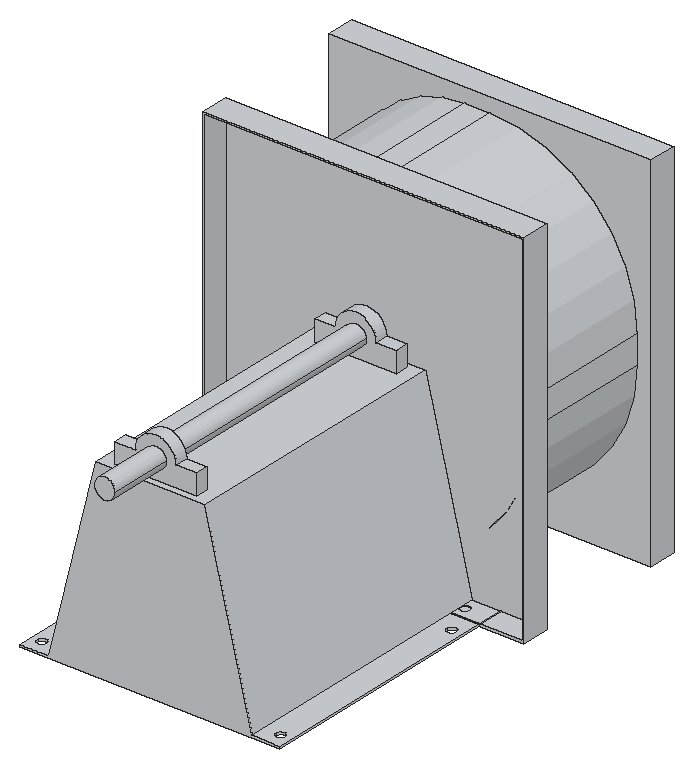
Revit family "CA-4_SWSI_ARR_1_CW_BHD", category Mechanical Equipment, Revit 2019 (continued)
Types (55): name | S | R | P | O/2 | O | H | E | ARR_1_U-D | ARR_1_K-D | ARR_1_J/2 | ARR_1_J | MOTOR_RAD | M | L | K | J | INLET_RAD/2 | INLET_RAD+1.5" | INLET_RAD | INLET_DIA | G-H | G/5 | G | F | E-(INLET_RAD+1.5") | E+(INLET_RAD+1.5") | F-E | D-((D-B)/2) | D | B | ARR_2_L-ARR_2_K | ARR_2_L | ARR_2_K | ARR_1_V | ARR_1_U | ARR_1_N | ARR_1_M | ARR_1_K | ARR_1_H | ARR_1_G | A | 2ARR_1_J+1" | 2ARR_1_J | Model | -ARR_1_J | -(ARR_2_L - ARR_2_K) | -(((K-B)/2)-.125") | -(((D - B) / 2) - 1/8") | (R-B)/2 | ((K-B)/2)+B | (D-B)/2 | -(((K-B)/2)+L) | ((D-B)/2)-.125"
  540_CA-4_SWSI_ARR_1_CW_BHD_CLASS_3 | 29" | 44 3/4" | 22 3/8" | 17/32" | 1 1/16" | 46 1/2" | 44 7/8" | 34 3/8" | 27" | 1 31/32" | 3 15/16" | 11 13/16" | 61 5/8" | 9 1/2" | 52 1/8" | 3" | 15" | 31 1/2" | 30" | 60" | 52 1/4" | 19 3/4" | 98 3/4" | 106 5/8" | 30 1/4" | 93 1/4" | 61 3/4" | 44 1/4" | 47 1/4" | 41 1/4" | 26 7/8" | 34 3/8" | 7 1/2" | 7 1/2" | 81 5/8" | 24 9/16" | 1 1/4" | 74 1/4" | 30 3/4" | 31 3/4" | 59 1/16" | 8 7/8" | 7 7/8" | "CA-4 SWSI ARR 1 CW BHD CLASS 3" | -3 15/16" | -26 7/8" | -5 5/16" | -2 7/8" | 1 3/4" | 46 11/16" | 3" | -14 15/16" | 2 7/8"
  600_CA-4_SWSI_ARR_1_CW_BHD_CLASS_2 | 32" | 49 5/16" | 24 21/32" | 17/32" | 1 1/16" | 51 5/8" | 49 3/4" | 34 3/8" | 27" | 1 23/32" | 3 7/16" | 10 5/16" | 66 11/16" | 10" | 56 11/16" | 3" | 16 1/2" | 34 1/2" | 33" | 66" | 58" | 21.925" | 109 5/8" | 118" | 33 3/4" | 102 3/4" | 68 1/4" | 48 13/16" | 51 13/16" | 45 13/16" | 26 7/8" | 34 3/8" | 7 1/2" | 7 1/2" | 86 3/16" | 24 9/16" | 1 1/4" | 78 13/16" | 33 3/4" | 34 3/4" | 65 5/8" | 7 7/8" | 6 7/8" | "CA-4 SWSI ARR 1 CW BHD CLASS 2" | -3 7/16" | -26 7/8" | -5 5/16" | -2 7/8" | 1 3/4" | 51 1/4" | 3" | -15 7/16" | 2 7/8"
  600_CA-4_SWSI_ARR_1_CW_BHD_CLASS_3 | 32" | 49 5/16" | 24 21/32" | 17/32" | 1 1/16" | 51 5/8" | 49 3/4" | 34 3/8" | 27" | 1 31/32" | 3 15/16" | 11 13/16" | 66 11/16" | 10" | 56 11/16" | 3" | 16 1/2" | 34 1/2" | 33" | 66" | 58" | 21.925" | 109 5/8" | 118" | 33 3/4" | 102 3/4" | 68 1/4" | 48 13/16" | 51 13/16" | 45 13/16" | 26 7/8" | 34 3/8" | 7 1/2" | 7 1/2" | 86 3/16" | 24 9/16" | 1 1/4" | 78 13/16" | 33 3/4" | 34 3/4" | 65 5/8" | 8 7/8" | 7 7/8" | "CA-4 SWSI ARR 1 CW BHD CLASS 3" | -3 15/16" | -26 7/8" | -5 5/16" | -2 7/8" | 1 3/4" | 51 1/4" | 3" | -15 7/16" | 2 7/8"
